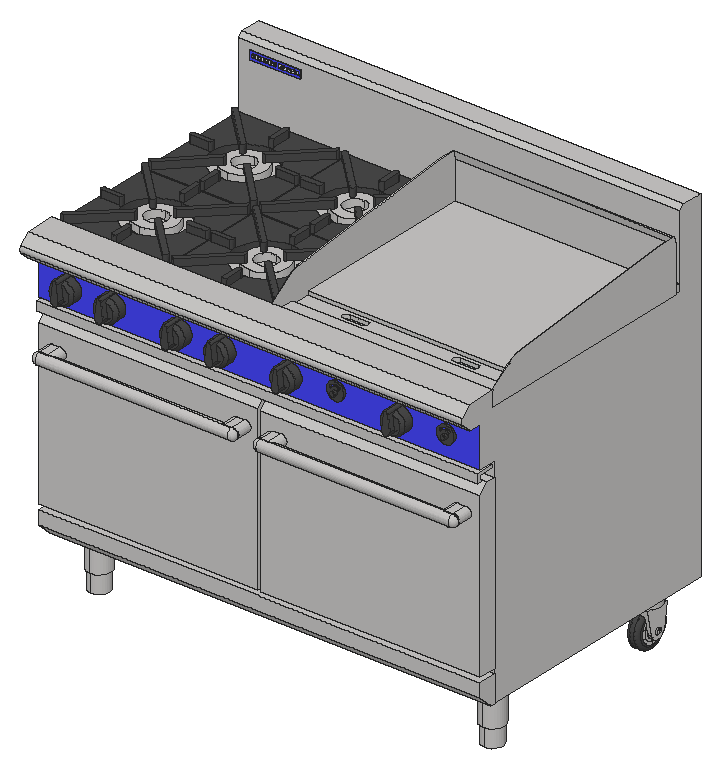
Revit family "QF_MOFFAT_BLUESEAL_AU_G528B", category Specialty Equipment, Revit 2012 (continued)
Definition of nested family "GAS BURNER 600 & GRIDDLE 600"
  Definition of nested family "GAS BURNER 600"
    Lines and regions (mm)
      symbolic lines
        curve 150: spline (414.025, -443.076, 0) -> (415.095, -443.837, 0) -> (416.399, -444.238, 0) -> (417.851, -444.251, 0) -> (419.35, -443.875, 0) -> (420.795, -443.137, 0) -> (422.086, -442.086, 0) -> (423.137, -440.795, 0) -> (423.875, -439.35, 0) -> (424.251, -437.851, 0) -> (424.238, -436.399, 0) -> (423.837, -435.095, 0) -> (423.076, -434.025, 0)
        curve 151: line (443.6, -328.898, 0) -> (443.6, -378.102, 0)
        curve 152: spline (443.6, -378.102, 0) -> (443.818, -379.396, 0) -> (444.457, -380.602, 0) -> (445.475, -381.638, 0) -> (446.8, -382.432, 0) -> (448.344, -382.932, 0) -> (450, -383.102, 0) -> (451.656, -382.932, 0) -> (453.2, -382.432, 0) -> (454.525, -381.638, 0) -> (455.543, -380.602, 0) -> (456.182, -379.396, 0) -> (456.4, -378.102, 0)
        curve 153: line (456.4, -378.102, 0) -> (456.4, -328.898, 0)
        curve 154: spline (456.4, -328.898, 0) -> (456.182, -327.604, 0) -> (455.543, -326.398, 0) -> (454.525, -325.362, 0) -> (453.2, -324.568, 0) -> (451.656, -324.068, 0) -> (450, -323.898, 0) -> (448.344, -324.068, 0) -> (446.8, -324.568, 0) -> (445.475, -325.362, 0) -> (444.457, -326.398, 0) -> (443.818, -327.604, 0) -> (443.6, -328.898, 0)
        curve 155: line (584.847, -326.102, 0) -> (476.924, -434.025, 0)
        curve 156: spline (476.924, -434.025, 0) -> (476.163, -435.095, 0) -> (475.762, -436.399, 0) -> (475.749, -437.851, 0) -> (476.125, -439.35, 0) -> (476.863, -440.795, 0) -> (477.914, -442.086, 0) -> (479.205, -443.137, 0) -> (480.65, -443.875, 0) -> (482.149, -444.251, 0) -> (483.601, -444.238, 0) -> (484.905, -443.837, 0) -> (485.975, -443.076, 0)
        curve 157: line (485.975, -443.076, 0) -> (593.898, -335.153, 0)
        curve 158: spline (593.898, -335.153, 0) -> (594.819, -333.924, 0) -> (595.369, -332.47, 0) -> (595.51, -330.89, 0) -> (595.233, -329.292, 0) -> (594.557, -327.786, 0) -> (593.527, -326.473, 0) -> (592.214, -325.443, 0) -> (590.708, -324.767, 0) -> (589.11, -324.49, 0) -> (587.53, -324.631, 0) -> (586.076, -325.181, 0) -> (584.847, -326.102, 0)
        curve 159: line (591.102, -463.6, 0) -> (541.898, -463.6, 0)
        curve 160: spline (541.898, -463.6, 0) -> (540.604, -463.818, 0) -> (539.398, -464.457, 0) -> (538.362, -465.475, 0) -> (537.568, -466.8, 0) -> (537.068, -468.344, 0) -> (536.898, -470, 0) -> (537.068, -471.656, 0) -> (537.568, -473.2, 0) -> (538.362, -474.525, 0) -> (539.398, -475.543, 0) -> (540.604, -476.182, 0) -> (541.898, -476.4, 0)
        curve 161: line (541.898, -476.4, 0) -> (591.102, -476.4, 0)
        curve 162: spline (591.102, -476.4, 0) -> (592.396, -476.182, 0) -> (593.602, -475.543, 0) -> (594.638, -474.525, 0) -> (595.432, -473.2, 0) -> (595.932, -471.656, 0) -> (596.102, -470, 0) -> (595.932, -468.344, 0) -> (595.432, -466.8, 0) -> (594.638, -465.475, 0) -> (593.602, -464.457, 0) -> (592.396, -463.818, 0) -> (591.102, -463.6, 0)
        curve 163: line (593.898, -603.347, 0) -> (485.975, -496.924, 0)
        curve 164: spline (485.975, -496.924, 0) -> (484.905, -496.163, 0) -> (483.601, -495.762, 0) -> (482.149, -495.749, 0) -> (480.65, -496.125, 0) -> (479.205, -496.863, 0) -> (477.914, -497.914, 0) -> (476.863, -499.205, 0) -> (476.125, -500.65, 0) -> (475.749, -502.149, 0) -> (475.762, -503.601, 0) -> (476.163, -504.905, 0) -> (476.924, -505.975, 0)
        curve 165: line (476.924, -505.975, 0) -> (584.847, -612.398, 0)
        curve 166: spline (584.847, -612.398, 0) -> (585.916, -613.159, 0) -> (587.221, -613.559, 0) -> (588.672, -613.572, 0) -> (590.171, -613.197, 0) -> (591.616, -612.459, 0) -> (592.908, -611.408, 0) -> (593.959, -610.116, 0) -> (594.697, -608.671, 0) -> (595.072, -607.172, 0) -> (595.059, -605.721, 0) -> (594.659, -604.416, 0) -> (593.898, -603.347, 0)
        curve 167: line (315.153, -612.398, 0) -> (423.076, -505.975, 0)
        curve 168: spline (423.076, -505.975, 0) -> (423.837, -504.905, 0) -> (424.238, -503.601, 0) -> (424.251, -502.149, 0) -> (423.875, -500.65, 0) -> (423.137, -499.205, 0) -> (422.086, -497.914, 0) -> (420.795, -496.863, 0) -> (419.35, -496.125, 0) -> (417.851, -495.749, 0) -> (416.399, -495.762, 0) -> (415.095, -496.163, 0) -> (414.025, -496.924, 0)
        curve 169: line (414.025, -496.924, 0) -> (306.102, -603.347, 0)
        curve 170: spline (306.102, -603.347, 0) -> (305.341, -604.416, 0) -> (304.941, -605.721, 0) -> (304.928, -607.172, 0) -> (305.303, -608.671, 0) -> (306.041, -610.116, 0) -> (307.092, -611.408, 0) -> (308.384, -612.459, 0) -> (309.829, -613.197, 0) -> (311.328, -613.572, 0) -> (312.779, -613.559, 0) -> (314.084, -613.159, 0) -> (315.153, -612.398, 0)
        curve 171: line (308.898, -476.4, 0) -> (358.102, -476.4, 0)
        curve 172: spline (358.102, -476.4, 0) -> (359.396, -476.182, 0) -> (360.602, -475.543, 0) -> (361.638, -474.525, 0) -> (362.432, -473.2, 0) -> (362.932, -471.656, 0) -> (363.102, -470, 0) -> (362.932, -468.344, 0) -> (362.432, -466.8, 0) -> (361.638, -465.475, 0) -> (360.602, -464.457, 0) -> (359.396, -463.818, 0) -> (358.102, -463.6, 0)
        curve 173: line (358.102, -463.6, 0) -> (308.898, -463.6, 0)
        curve 174: spline (308.898, -463.6, 0) -> (307.604, -463.818, 0) -> (306.398, -464.457, 0) -> (305.362, -465.475, 0) -> (304.568, -466.8, 0) -> (304.068, -468.344, 0) -> (303.898, -470, 0) -> (304.068, -471.656, 0) -> (304.568, -473.2, 0) -> (305.362, -474.525, 0) -> (306.398, -475.543, 0) -> (307.604, -476.182, 0) -> (308.898, -476.4, 0)
        curve 175: line (456.4, -609.602, 0) -> (456.4, -561.898, 0)
        curve 176: spline (456.4, -561.898, 0) -> (456.182, -560.604, 0) -> (455.543, -559.398, 0) -> (454.525, -558.362, 0) -> (453.2, -557.568, 0) -> (451.656, -557.068, 0) -> (450, -556.898, 0) -> (448.344, -557.068, 0) -> (446.8, -557.568, 0) -> (445.475, -558.362, 0) -> (444.457, -559.398, 0) -> (443.818, -560.604, 0) -> (443.6, -561.898, 0)
        curve 177: line (443.6, -561.898, 0) -> (443.6, -609.602, 0)
        curve 178: spline (443.6, -609.602, 0) -> (443.818, -610.896, 0) -> (444.457, -612.102, 0) -> (445.475, -613.138, 0) -> (446.8, -613.932, 0) -> (448.344, -614.432, 0) -> (450, -614.602, 0) -> (451.656, -614.432, 0) -> (453.2, -613.932, 0) -> (454.525, -613.138, 0) -> (455.543, -612.102, 0) -> (456.182, -610.896, 0) -> (456.4, -609.602, 0)
        curve 179: arc (450.009, -384.418, 0) -> (479.699, -389.834, 0) -> (505.564, -405.385, 0) r 84.082
        curve 180: arc (450.009, -552.582, 0) -> (417.885, -546.204, 0) -> (390.635, -528.036, 0) r 84.082
        curve 181: arc (450, -523.5, 0) -> (467.666, -520.693, 0) -> (483.592, -512.55, 0) r 57
        curve 182: arc (450, -409.5, 0) -> (430.014, -413.119, 0) -> (412.566, -423.515, 0) r 57
        curve 183: arc (450, -436.5, 0) -> (480, -466.5, 0) -> (450, -496.5, 0) r 30
        curve 184: arc (450, -496.5, 0) -> (420, -466.5, 0) -> (450, -436.5, 0) r 30
        curve 185: arc (96.324, -103.773, 0) -> (121.466, -89.404, 0) -> (149.991, -84.418, 0) r 84.082
        curve 186: arc (212.871, -112.68, 0) -> (234.066, -167.408, 0) -> (214.3, -222.668, 0) r 84.082
        curve 187: arc (194.454, -202.178, 0) -> (207, -166.598, 0) -> (194.576, -130.975, 0) r 57
        curve 188: arc (114.628, -211.197, 0) -> (131.275, -220.336, 0) -> (150, -223.5, 0) r 57
        curve 189: arc (405.424, -130.975, 0) -> (393, -166.598, 0) -> (405.546, -202.178, 0) r 57
        curve 190: arc (485.525, -121.924, 0) -> (468.817, -112.696, 0) -> (450, -109.5, 0) r 57
        curve 191: arc (494.454, -202.178, 0) -> (507, -166.598, 0) -> (494.576, -130.975, 0) r 57
        curve 192: arc (414.628, -211.197, 0) -> (431.275, -220.336, 0) -> (450, -223.5, 0) r 57
        curve 193: arc (105.424, -130.975, 0) -> (93, -166.598, 0) -> (105.546, -202.178, 0) r 57
        curve 194: arc (514.501, -414.55, 0) -> (534.086, -469.429, 0) -> (513.293, -523.862, 0) r 84.082
        curve 195: arc (504.155, -532.827, 0) -> (478.827, -547.489, 0) -> (450.009, -552.582, 0) r 84.082
        curve 196: arc (493.031, -503.881, 0) -> (506.947, -468.956, 0) -> (496.089, -432.962, 0) r 57
        curve 197: arc (416.408, -512.55, 0) -> (432.334, -520.693, 0) -> (450, -523.5, 0) r 57
        curve 198: arc (403.911, -432.962, 0) -> (393.053, -468.956, 0) -> (406.969, -503.881, 0) r 57
        curve 199: arc (487.434, -423.515, 0) -> (469.986, -413.119, 0) -> (450, -409.5, 0) r 57
        curve 200: arc (187.434, -423.515, 0) -> (169.986, -413.119, 0) -> (150, -409.5, 0) r 57
        curve 201: arc (103.911, -432.962, 0) -> (93.053, -468.956, 0) -> (106.969, -503.881, 0) r 57
        curve 202: arc (109.732, -506.842, 0) -> (110.614, -507.704, 0) -> (111.516, -508.547, 0) r 57
        curve 203: arc (193.031, -503.881, 0) -> (206.947, -468.956, 0) -> (196.089, -432.962, 0) r 57
        curve 204: arc (214.491, -414.56, 0) -> (234.068, -469.429, 0) -> (213.283, -523.853, 0) r 84.082
        curve 205: arc (94.436, -405.385, 0) -> (120.301, -389.834, 0) -> (149.991, -384.418, 0) r 84.082
        curve 206: arc (86.707, -523.862, 0) -> (65.914, -469.429, 0) -> (85.499, -414.55, 0) r 84.082
        curve 207: arc (116.408, -512.55, 0) -> (132.334, -520.693, 0) -> (150, -523.5, 0) r 57
        curve 208: arc (204.147, -532.819, 0) -> (178.816, -547.487, 0) -> (149.991, -552.582, 0) r 84.082
        curve 209: arc (394.444, -405.393, 0) -> (420.313, -389.836, 0) -> (450.009, -384.418, 0) r 84.082
        curve 210: arc (390.635, -528.036, 0) -> (366.012, -472.294, 0) -> (385.509, -414.56, 0) r 84.082
        curve 211: arc (185.525, -121.924, 0) -> (168.817, -112.696, 0) -> (150, -109.5, 0) r 57
        curve 212: arc (396.332, -103.781, 0) -> (421.477, -89.406, 0) -> (450.009, -84.418, 0) r 84.082
        curve 213: arc (512.881, -112.67, 0) -> (534.084, -167.408, 0) -> (514.31, -222.678, 0) r 84.082
        curve 214: arc (505.339, -231.812, 0) -> (479.559, -247.219, 0) -> (450.009, -252.582, 0) r 84.082
        curve 215: arc (385.7, -222.668, 0) -> (365.934, -167.408, 0) -> (387.129, -112.68, 0) r 84.082
        curve 216: arc (205.331, -231.803, 0) -> (179.547, -247.216, 0) -> (149.991, -252.582, 0) r 84.082
        curve 217: arc (85.69, -222.678, 0) -> (65.916, -167.408, 0) -> (87.119, -112.67, 0) r 84.082
    Dimensions and locks
      equal spacing: plane 3 "LEFT", plane 7 "Center Y", plane 4 "RIGHT"
      "Width": plane 3 "LEFT" to plane 4 "RIGHT"
      equal spacing: plane 5 "FRONT", plane 8 "Center X", plane 1 "BACK"
      "Depth": plane 5 "FRONT" to plane 1 "BACK"
      aligned and locked: level to plane 2
    Automatic sketch dimensions
      plane 3 "LEFT" to Extrusion 1 sketch curve = 4 mm  (x2)
      plane 1 "BACK" to Extrusion 1 sketch curve = 0 mm
      plane 3 "LEFT" to Extrusion 1 sketch curve = 1 mm  (x2)
      Extrusion 1 sketch curve to Extrusion 1 sketch curve = 3 mm  (x5)
      plane 8 "Center X" to Extrusion 1 sketch curve = 149 mm
      Extrusion 1 sketch curve to plane 7 "Center Y" = 1 mm  (x2)
      plane 8 "Center X" to Extrusion 1 sketch curve = 2 mm  (x2)
      Extrusion 1 sketch curve to plane 5 "FRONT" = 166.5 mm
      Extrusion 1 sketch curve to plane 5 "FRONT" = 3 mm  (x2)
      plane 3 "LEFT" to Extrusion 1 sketch curve = 149.991 mm  (x2)
      Extrusion 2 sketch curve to Extrusion 1 = 22.602 mm  (x2)
      Extrusion 2 sketch curve to Extrusion 1 = 25.398 mm  (x2)
      Extrusion 2 sketch curve to Extrusion 2 sketch curve = 4.525 mm  (x16)
      Extrusion 2 sketch curve to Extrusion 2 sketch curve = 49.204 mm  (x5)
      Extrusion 2 sketch curve to Extrusion 2 sketch curve = 55.923 mm  (x5)
      Extrusion 2 sketch curve to Extrusion 2 sketch curve = 0 mm  (x5)
      Extrusion 2 sketch curve to Extrusion 2 sketch curve = 20.524 mm  (x8)
      Extrusion 2 sketch curve to Extrusion 2 sketch curve = 6.4 mm  (x8)
      Extrusion 2 sketch curve to Extrusion 2 sketch curve = 53.847 mm  (x8)
      Extrusion 2 sketch curve to Extrusion 1 = 56.602 mm
      Extrusion 2 sketch curve to Extrusion 1 = 5.102 mm  (x6)
      Extrusion 2 sketch curve to Extrusion 1 = 13.653 mm  (x2)
      Extrusion 2 sketch curve to Extrusion 1 = 7.398 mm  (x2)
      Extrusion 2 sketch curve to Extrusion 1 = 4.602 mm  (x2)
      Extrusion 2 sketch curve to Extrusion 1 = 7.898 mm  (x4)
      Extrusion 2 sketch curve to Extrusion 1 = 31.653 mm  (x2)
      Extrusion 2 sketch curve to Extrusion 1 = 57.102 mm
      Extrusion 2 sketch curve to Extrusion 1 = 14.153 mm
      Extrusion 3 sketch curve to Extrusion 3 sketch curve = 0 mm  (x24)
      plane 8 "Center X" to Extrusion 3 sketch curve = 208 mm
      Extrusion 3 sketch curve to Extrusion 3 sketch curve = 27 mm  (x2)
      Extrusion 3 sketch curve to Extrusion 3 sketch curve = 30 mm  (x2)
      Extrusion 3 sketch curve to plane 5 "FRONT" = 225.5 mm
      plane 3 "LEFT" to Extrusion 3 sketch curve = 150 mm  (x2)
      plane 4 "RIGHT" to Extrusion 4 sketch curve = 4 mm  (x2)
      plane 1 "BACK" to Extrusion 4 sketch curve = 0 mm
      plane 4 "RIGHT" to Extrusion 4 sketch curve = 1 mm  (x2)
      Extrusion 4 sketch curve to Extrusion 4 sketch curve = 3 mm  (x5)
      plane 8 "Center X" to Extrusion 4 sketch curve = 149 mm
      plane 7 "Center Y" to Extrusion 4 sketch curve = 1 mm  (x2)
      plane 8 "Center X" to Extrusion 4 sketch curve = 2 mm  (x2)
      Extrusion 4 sketch curve to plane 5 "FRONT" = 166.5 mm
      Extrusion 4 sketch curve to plane 5 "FRONT" = 3 mm  (x2)
      plane 4 "RIGHT" to Extrusion 4 sketch curve = 149.991 mm  (x2)
      Extrusion 5 sketch curve to Extrusion 4 = 22.602 mm  (x2)
      Extrusion 5 sketch curve to Extrusion 4 = 25.398 mm  (x2)
      Extrusion 5 sketch curve to Extrusion 5 sketch curve = 4.525 mm  (x16)
      Extrusion 5 sketch curve to Extrusion 5 sketch curve = 49.204 mm  (x4)
      Extrusion 5 sketch curve to Extrusion 5 sketch curve = 55.923 mm  (x5)
      Extrusion 5 sketch curve to Extrusion 5 sketch curve = 0 mm  (x6)
      Extrusion 5 sketch curve to Extrusion 5 sketch curve = 20.524 mm  (x7)
      Extrusion 5 sketch curve to Extrusion 5 sketch curve = 6.4 mm  (x8)
      Extrusion 5 sketch curve to Extrusion 5 sketch curve = 53.847 mm  (x8)
      Extrusion 5 sketch curve to Extrusion 4 = 56.602 mm
      Extrusion 5 sketch curve to Extrusion 4 = 5.102 mm  (x6)
      Extrusion 5 sketch curve to Extrusion 4 = 13.653 mm  (x2)
      Extrusion 5 sketch curve to Extrusion 4 = 7.398 mm  (x2)
      Extrusion 5 sketch curve to Extrusion 4 = 4.602 mm  (x2)
      Extrusion 5 sketch curve to Extrusion 4 = 7.898 mm  (x4)
      Extrusion 5 sketch curve to Extrusion 4 = 31.653 mm  (x2)
      Extrusion 5 sketch curve to Extrusion 4 = 57.102 mm  (x2)
      Extrusion 5 sketch curve to Extrusion 4 = 14.153 mm
      Extrusion 6 sketch curve to Extrusion 6 sketch curve = 0 mm  (x24)
      plane 8 "Center X" to Extrusion 6 sketch curve = 208 mm
      Extrusion 6 sketch curve to Extrusion 6 sketch curve = 27 mm  (x2)
      Extrusion 6 sketch curve to Extrusion 6 sketch curve = 30 mm  (x2)
      Extrusion 6 sketch curve to plane 5 "FRONT" = 225.5 mm
      plane 4 "RIGHT" to Extrusion 6 sketch curve = 150 mm  (x2)
      curve 1 to plane 7 "Center Y" = 123.076 mm
      curve 2 to curve 2 = 4.525 mm
      curve 1 to plane 7 "Center Y" = 15.153 mm
      curve 1 to curve 4 = 4.525 mm
      plane 1 "BACK" to curve 3 = 139.576 mm
      plane 1 "BACK" to curve 4 = 31.653 mm
      curve 7 to plane 7 "Center Y" = 58.102 mm
      curve 8 to plane 7 "Center Y" = 8.898 mm
      curve 8 to curve 2 = 20.524 mm
      curve 6 to curve 5 = 6.4 mm
      plane 7 "Center Y" to curve 9 = 6.102 mm
      curve 9 to curve 12 = 4.525 mm
      plane 7 "Center Y" to curve 10 = 114.025 mm
      curve 10 to curve 10 = 4.525 mm
      curve 5 to curve 10 = 20.524 mm
      curve 3 to curve 9 = 0 mm
      plane 1 "BACK" to curve 13 = 25.398 mm
      curve 10 to curve 13 = 20.524 mm
      curve 13 to curve 16 = 6.4 mm
      curve 14 to curve 15 = 49.204 mm
      curve 11 to curve 17 = 53.847 mm
      curve 18 to curve 18 = 4.525 mm
      plane 4 "RIGHT" to curve 17 = 15.153 mm
      curve 20 to curve 20 = 4.525 mm
      curve 18 to curve 11 = 9.051 mm
      plane 1 "BACK" to curve 20 = 31.653 mm
      plane 4 "RIGHT" to curve 22 = 58.102 mm
      plane 4 "RIGHT" to curve 21 = 8.898 mm
      curve 23 to curve 18 = 33.324 mm
      curve 22 to curve 22 = 6.4 mm
      curve 26 to curve 18 = 9.051 mm
      curve 27 to curve 26 = 4.525 mm
      plane 8 "Center X" to curve 27 = 3.602 mm
      plane 4 "RIGHT" to curve 27 = 15.153 mm
      curve 27 to curve 28 = 4.525 mm
      curve 27 to curve 18 = 62.898 mm
      curve 30 to curve 26 = 31.449 mm
      curve 192 to curve 27 = 21.025 mm
      curve 26 to curve 29 = 31.449 mm
      curve 14 to curve 31 = 0.009 mm
      curve 32 to curve 29 = 29.082 mm
      curve 31 to curve 29 = 2 mm
      curve 29 to curve 33 = 0 mm  (x2)
      curve 29 to curve 34 = 27 mm
      curve 211 to curve 2 = 31.449 mm
      curve 35 to curve 3 = 83.924 mm
      curve 35 to curve 2 = 31.449 mm
      curve 37 to curve 211 = 0.009 mm
      curve 216 to curve 35 = 29.082 mm
      curve 38 to curve 36 = 2 mm
      curve 42 to curve 185 = 6.391 mm
      curve 41 to curve 40 = 6.4 mm
      curve 185 to curve 41 = 9.816 mm
      plane 1 "BACK" to curve 41 = 25.398 mm
      plane 7 "Center Y" to curve 44 = 8.898 mm
      curve 44 to curve 45 = 49.204 mm
      curve 7 to curve 44 = 0 mm
      curve 45 to curve 44 = 6.4 mm
      plane 7 "Center Y" to curve 48 = 6.102 mm
      curve 48 to curve 48 = 4.525 mm
      curve 50 to curve 33 = 35.975 mm
      curve 47 to curve 50 = 4.525 mm
      plane 8 "Center X" to curve 48 = 3.602 mm
      curve 50 to curve 33 = 5.975 mm
      plane 8 "Center X" to curve 53 = 6.398 mm
      curve 53 to curve 32 = 6.409 mm
      curve 53 to curve 54 = 6.4 mm
      curve 52 to curve 32 = 9.316 mm
      plane 1 "BACK" to curve 56 = 0 mm
      plane 7 "Center Y" to curve 57 = 1 mm
      curve 57 to curve 56 = 3 mm
      curve 59 to plane 8 "Center X" = 1 mm
      plane 7 "Center Y" to curve 59 = 4 mm
      plane 4 "RIGHT" to curve 55 = 4 mm
      plane 4 "RIGHT" to curve 59 = 4 mm
      plane 4 "RIGHT" to curve 60 = 1 mm
      plane 1 "BACK" to curve 64 = 0 mm
      curve 66 to plane 8 "Center X" = 1 mm
      plane 3 "LEFT" to curve 66 = 4 mm
      plane 3 "LEFT" to curve 63 = 4 mm
      plane 3 "LEFT" to curve 64 = 1 mm
      curve 70 to plane 7 "Center Y" = 4 mm
      curve 68 to plane 7 "Center Y" = 4 mm
      curve 70 to plane 7 "Center Y" = 1 mm
      plane 5 "FRONT" to curve 74 = 0 mm
      plane 3 "LEFT" to curve 72 = 1 mm
      plane 3 "LEFT" to curve 74 = 4 mm
      curve 71 to curve 66 = 0 mm
      curve 75 to plane 7 "Center Y" = 4 mm
      curve 78 to plane 7 "Center Y" = 4 mm
      curve 77 to plane 7 "Center Y" = 1 mm
      curve 78 to curve 67 = 6 mm
      plane 5 "FRONT" to curve 82 = 0 mm
      plane 7 "Center Y" to curve 80 = 1 mm
      plane 7 "Center Y" to curve 82 = 4 mm
      curve 79 to curve 59 = 0 mm  (x2)
      plane 4 "RIGHT" to curve 83 = 4 mm
      plane 4 "RIGHT" to curve 84 = 1 mm
      curve 78 to curve 80 = 0 mm
      curve 35 to curve 88 = 26.924 mm
      curve 89 to curve 88 = 4.525 mm
      plane 8 "Center X" to curve 90 = 3.602 mm
      curve 90 to curve 68 = 11.153 mm
      curve 89 to curve 90 = 4.525 mm
      curve 35 to curve 89 = 21.025 mm
      plane 3 "LEFT" to curve 94 = 6.102 mm
      curve 94 to curve 94 = 4.525 mm
      curve 92 to curve 38 = 35.966 mm
      curve 92 to curve 92 = 4.525 mm
      plane 8 "Center X" to curve 91 = 3.602 mm
      curve 188 to curve 92 = 21.025 mm
      plane 3 "LEFT" to curve 98 = 8.898 mm
      curve 97 to curve 97 = 49.204 mm
      curve 93 to curve 98 = 20.524 mm
      curve 95 to curve 98 = 6.4 mm
      plane 3 "LEFT" to curve 102 = 6.102 mm
      curve 99 to curve 102 = 4.525 mm
      curve 100 to curve 36 = 35.975 mm
      curve 99 to curve 100 = 4.525 mm
      curve 36 to curve 100 = 26.924 mm
      curve 102 to curve 64 = 28.653 mm
      curve 35 to curve 103 = 0 mm  (x2)
      curve 35 to curve 104 = 27 mm
      curve 107 to curve 38 = 6.391 mm
      curve 107 to curve 108 = 6.4 mm
      plane 8 "Center X" to curve 108 = 6.398 mm
      curve 106 to curve 216 = 9.316 mm
      curve 112 to curve 107 = 0 mm
      curve 111 to curve 110 = 6.4 mm
      curve 111 to plane 8 "Center X" = 60.602 mm
      curve 110 to plane 8 "Center X" = 11.398 mm
      curve 109 to curve 114 = 20.524 mm
      curve 114 to curve 114 = 4.525 mm
      curve 116 to curve 78 = 11.153 mm
      curve 116 to curve 116 = 4.525 mm
      curve 115 to curve 109 = 64.974 mm
      curve 116 to curve 78 = 10.653 mm
      plane 3 "LEFT" to curve 118 = 6.102 mm
      curve 118 to curve 118 = 4.525 mm
      curve 120 to curve 113 = 62.898 mm
      curve 119 to curve 120 = 4.525 mm
      curve 120 to curve 113 = 9.051 mm
      curve 119 to curve 72 = 10.653 mm
      plane 3 "LEFT" to curve 121 = 8.898 mm
      curve 121 to curve 124 = 49.204 mm
      curve 123 to curve 120 = 33.324 mm
      curve 123 to curve 124 = 6.4 mm
      plane 3 "LEFT" to curve 126 = 6.102 mm
      curve 125 to curve 126 = 4.525 mm
      curve 125 to curve 119 = 0 mm
      curve 125 to curve 128 = 4.525 mm
      curve 74 to curve 127 = 19.602 mm
      curve 127 to curve 119 = 62.898 mm
      curve 127 to curve 130 = 20.524 mm
      curve 131 to curve 132 = 6.4 mm
      curve 132 to plane 5 "FRONT" = 25.398 mm
      curve 132 to curve 131 = 47.704 mm
      curve 127 to curve 136 = 53.847 mm
      curve 133 to curve 136 = 4.525 mm
      curve 134 to plane 7 "Center Y" = 15.153 mm
      curve 133 to curve 134 = 4.525 mm
      curve 76 to curve 134 = 19.602 mm
      curve 127 to curve 136 = 0 mm
      curve 208 to curve 130 = 0.009 mm
      curve 130 to curve 208 = 9.316 mm
      curve 137 to curve 120 = 29.949 mm
      curve 137 to curve 200 = 0.009 mm
      curve 208 to curve 139 = 29.082 mm
      curve 137 to curve 203 = 2 mm
      curve 203 to curve 141 = 0 mm  (x2)
      curve 139 to curve 142 = 27 mm
      curve 144 to plane 7 "Center Y" = 58.102 mm
      curve 143 to plane 7 "Center Y" = 8.898 mm
      curve 135 to curve 144 = 20.524 mm
      curve 144 to curve 144 = 6.4 mm
      plane 7 "Center Y" to curve 149 = 6.102 mm
      curve 148 to curve 148 = 4.525 mm
      plane 7 "Center Y" to curve 150 = 114.025 mm
      curve 149 to curve 150 = 4.525 mm
      curve 143 to curve 150 = 20.524 mm
      curve 149 to curve 80 = 10.653 mm
      curve 151 to curve 53 = 0 mm
      curve 151 to curve 154 = 6.4 mm
      curve 152 to plane 8 "Center X" = 60.602 mm
      curve 151 to plane 8 "Center X" = 11.398 mm
      curve 150 to curve 156 = 53.847 mm
      curve 156 to curve 156 = 4.525 mm
      curve 155 to curve 86 = 11.153 mm
      curve 155 to curve 158 = 4.525 mm
      curve 157 to curve 150 = 9.051 mm
      curve 158 to curve 86 = 10.653 mm
      plane 4 "RIGHT" to curve 160 = 58.102 mm
      plane 4 "RIGHT" to curve 159 = 8.898 mm
      curve 161 to curve 156 = 33.324 mm
      curve 160 to curve 160 = 6.4 mm
      curve 164 to curve 156 = 9.051 mm
      curve 164 to curve 164 = 4.525 mm
      plane 4 "RIGHT" to curve 165 = 15.153 mm
      curve 165 to curve 166 = 4.525 mm
      curve 84 to curve 165 = 19.602 mm
      curve 164 to curve 156 = 62.898 mm
      plane 7 "Center Y" to curve 170 = 6.102 mm
      curve 170 to curve 170 = 4.525 mm
      curve 168 to curve 150 = 0 mm
      curve 168 to curve 168 = 4.525 mm  (x2)
      curve 82 to curve 170 = 19.602 mm
      curve 167 to curve 164 = 0 mm
      plane 7 "Center Y" to curve 171 = 8.898 mm
      curve 174 to curve 172 = 49.204 mm
      curve 169 to curve 172 = 20.524 mm
      curve 171 to curve 172 = 6.4 mm
      curve 167 to curve 176 = 20.524 mm
      curve 178 to curve 178 = 6.4 mm
      curve 177 to plane 5 "FRONT" = 25.398 mm
      curve 175 to curve 175 = 47.704 mm
      curve 180 to curve 156 = 31.44 mm
      curve 176 to curve 180 = 9.316 mm
      curve 180 to curve 156 = 29.949 mm
      curve 182 to curve 179 = 0.009 mm
      curve 195 to curve 181 = 29.082 mm
      curve 179 to curve 181 = 2 mm
      curve 181 to curve 183 = 0 mm  (x2)
      curve 181 to curve 184 = 27 mm
      curve 37 to curve 38 = 0 mm  (x2)
      curve 185 to curve 100 = 22.227 mm
      curve 37 to curve 185 = 0 mm
      curve 2 to curve 37 = 22.219 mm
      curve 35 to curve 36 = 0 mm  (x2)
      curve 88 to curve 35 = 3.923 mm
      curve 35 to curve 211 = 0 mm
      curve 193 to curve 92 = 13.004 mm
      curve 29 to curve 30 = 0 mm  (x2)
      curve 189 to curve 10 = 13.126 mm
      curve 29 to curve 189 = 0 mm  (x2)
      curve 18 to curve 190 = 4.076 mm
      curve 29 to curve 190 = 0 mm
      curve 29 to curve 191 = 0 mm  (x2)
      curve 26 to curve 29 = 3.923 mm
      curve 189 to curve 50 = 13.004 mm
      curve 35 to curve 188 = 0 mm
      curve 35 to curve 193 = 0 mm  (x2)
      curve 193 to curve 100 = 13.126 mm
      curve 179 to curve 180 = 0 mm  (x2)
      curve 156 to curve 194 = 33.052 mm
      curve 179 to curve 194 = 0 mm  (x2)
      curve 179 to curve 195 = 0 mm
      curve 181 to curve 198 = 0 mm  (x2)
      curve 164 to curve 181 = 2.142 mm
      curve 181 to curve 196 = 0 mm  (x2)
      curve 198 to curve 168 = 11.581 mm
      curve 181 to curve 182 = 0 mm  (x2)
      curve 182 to curve 150 = 5.985 mm
      curve 181 to curve 197 = 0 mm
      curve 156 to curve 196 = 14.64 mm
      curve 203 to curve 140 = 0 mm  (x2)
      curve 114 to curve 200 = 5.985 mm
      curve 203 to curve 200 = 0 mm
      curve 201 to curve 120 = 14.64 mm
      curve 203 to curve 201 = 0 mm  (x2)
      curve 201 to curve 128 = 11.581 mm
      curve 139 to curve 140 = 0 mm  (x2)
      curve 136 to curve 139 = 2.142 mm
      curve 137 to curve 138 = 0 mm  (x2)
      curve 203 to curve 137 = 9.467 mm
      curve 137 to curve 204 = 0 mm  (x2)
      curve 137 to curve 204 = 8.936 mm
      curve 137 to curve 205 = 0 mm
      curve 205 to curve 140 = 18.13 mm
      curve 206 to curve 205 = 8.937 mm
      curve 206 to curve 205 = 9.165 mm
      curve 137 to curve 206 = 0 mm  (x2)
      curve 138 to curve 201 = 11.124 mm
      curve 139 to curve 202 = 0 mm  (x2)
      curve 202 to curve 202 = 1.784 mm
      curve 137 to curve 208 = 0 mm
      curve 203 to curve 204 = 20.253 mm
      curve 208 to curve 204 = 9.136 mm
      curve 208 to curve 204 = 8.967 mm
      curve 139 to curve 207 = 0 mm
      curve 139 to curve 203 = 9.439 mm
      curve 202 to curve 207 = 4.893 mm
      curve 207 to curve 202 = 4.003 mm
      curve 206 to curve 138 = 9.138 mm
      curve 138 to curve 206 = 8.965 mm
      curve 201 to curve 202 = 2.762 mm
      curve 202 to curve 201 = 2.96 mm
      curve 206 to curve 201 = 18.412 mm
      curve 203 to curve 136 = 6.958 mm
      curve 200 to curve 203 = 8.655 mm
      curve 201 to curve 140 = 9.447 mm
      curve 179 to curve 209 = 0 mm
      curve 210 to curve 182 = 27.057 mm
      curve 179 to curve 210 = 0 mm  (x2)
      curve 180 to curve 197 = 25.774 mm
      curve 181 to curve 199 = 0 mm
      curve 180 to curve 198 = 16.335 mm
      curve 198 to curve 182 = 8.655 mm
      curve 198 to curve 169 = 6.958 mm
      curve 199 to curve 196 = 8.655 mm
      curve 196 to curve 199 = 9.447 mm
      curve 181 to curve 196 = 9.439 mm
      curve 181 to curve 196 = 8.668 mm
      curve 210 to curve 209 = 8.936 mm
      curve 195 to curve 194 = 9.138 mm
      curve 179 to curve 194 = 8.937 mm
      curve 194 to curve 179 = 9.165 mm
      curve 195 to curve 194 = 8.965 mm
      curve 35 to curve 187 = 0 mm  (x2)
      curve 2 to curve 187 = 13.126 mm
      curve 31 to curve 32 = 0 mm  (x2)
      curve 212 to curve 189 = 9.093 mm
      curve 31 to curve 212 = 0 mm
      curve 190 to curve 31 = 18.152 mm
      curve 31 to curve 213 = 0 mm  (x2)
      curve 29 to curve 214 = 19.967 mm
      curve 31 to curve 214 = 0 mm
      curve 31 to curve 215 = 0 mm  (x2)
      curve 32 to curve 192 = 19.959 mm
      curve 31 to curve 213 = 9.204 mm
      curve 29 to curve 192 = 0 mm
      curve 190 to curve 191 = 9.051 mm
      curve 214 to curve 213 = 8.97 mm
      curve 214 to curve 213 = 9.134 mm
      curve 29 to curve 191 = 9.081 mm
      curve 29 to curve 191 = 9.019 mm
      curve 32 to curve 189 = 10.878 mm
      curve 192 to curve 189 = 9.019 mm
      curve 215 to curve 32 = 8.969 mm
      curve 32 to curve 215 = 9.135 mm
      curve 215 to curve 212 = 9.203 mm
      curve 215 to curve 212 = 8.899 mm
      curve 189 to curve 30 = 9.051 mm  (x2)
      curve 37 to curve 186 = 0 mm  (x2)
      curve 187 to curve 186 = 19.847 mm
      curve 37 to curve 216 = 0 mm
      curve 216 to curve 186 = 8.969 mm
      curve 35 to curve 187 = 9.081 mm
      curve 193 to curve 188 = 9.081 mm
      curve 188 to curve 193 = 9.019 mm
      curve 37 to curve 217 = 0 mm  (x2)
      curve 38 to curve 193 = 10.886 mm
      curve 217 to curve 38 = 8.97 mm
      curve 38 to curve 217 = 9.134 mm
      curve 217 to curve 185 = 9.204 mm
      curve 216 to curve 186 = 9.135 mm
      curve 37 to curve 186 = 9.203 mm
      curve 186 to curve 37 = 8.899 mm
      curve 211 to curve 187 = 9.051 mm
      curve 187 to curve 87 = 8.754 mm
      curve 193 to curve 36 = 9.051 mm
      curve 2 to curve 211 = 8.601 mm
      radius of Extrusion 1 sketch curve = 84.082 mm  (x2)
      radius of Extrusion 4 sketch curve = 84.082 mm  (x2)
  Definition of nested family "GAS GRIDDLE PLATE 600"
    Parameters (values of type "GAS GRIDDLE PLATE 600")
      Width [instance] = 600 mm
      Weight in Pounds = 0
      URL Cutsheet = ""
      Type Mark [instance] = ""
      Status [instance] = ""
      Specification by User [instance] = ""
      Specification by Manufacturer = ""
      Serial Number = ""
      Seismic Rating = ""
      SMACNA No = ""
      Revision Code [instance] = ""
      Omniclass Number and Title = ""
      NAFEM Spec ID Number = ""
      Masterspec = ""
      Item Number [instance] = ""
      Installed By [instance] = ""
      Identify Quantity as Lot [instance] = yes
      Furnished By [instance] = ""
      Foodservice Equipment Identifier [instance] = yes
      Depth [instance] = 620 mm
      CSI MasterFormat = ""
      CSI Master Format = ""
    Reference planes
      plane 1 "BACK": y = 0
      plane 2: z = 0
      plane 3 "LEFT": x = 0
      plane 4 "RIGHT": x = 600
      plane 5 "FRONT": y = -620
      plane 6 "TOP": z = 142.5
      plane 7 "Center Y": x = 300
      plane 8 "Center X": y = -310
      plane 9: y = -530.997
      plane 10: y = -541.497
      plane 11: y = -503.25
      plane 12: y = -557.737
    Forms (mm)
      Extrusion 1, solid, material "QF_Finishes_Stainless Steel"
        sketch origin (0, 70.003, -874.5) x (0, 1, 0) y (0, 0, 1)
          loop
            line (-70, 875) -> (-70, 997.489) -> (-75.228, 1017) -> (-117.24, 1017) -> (-589.533, 971.523)
            arc (-589.533, 971.523) -> (-614.56, 965.803) -> (-637.306, 953.899) r 100
            line (-637.306, 953.899) -> (-690.003, 917) -> (-690.003, 875) -> (-70, 875)
        from 0 to 1.8
      Extrusion 2, solid, material "QF_Finishes_Stainless Steel"
        sketch origin (600, 70.003, -874.5) x (0, -1, 0) y (0, 0, 1)
          loop
            line (70, 875) -> (690.003, 875) -> (690.003, 917) -> (637.306, 953.899)
            arc (637.306, 953.899) -> (614.56, 965.803) -> (589.533, 971.523) r 100
            line (589.533, 971.523) -> (117.24, 1017) -> (75.228, 1017) -> (70, 997.489) -> (70, 875)
        from 0 to 1.2
      Extrusion 3, solid, material "QF_Finishes_Stainless Steel"
        sketch origin (150, 70.003, -874.5) x (0, 1, 0) y (0, 0, 1)
          loop
            line (-55, 895) -> (-573.253, 895) -> (-573.253, 884.5) -> (-627.74, 884.5) -> (-627.74, 895) -> (-690.003, 895) -> (-690.003, 875) -> (-55, 875) -> (-55, 895)
        from -148.2 to 448.8
      Extrusion 4, void
        sketch origin (150, -541.497, 10) x (0, -1, 0) y (1, 0, 0)
          loop
            arc (-7.497, 25.113) -> (-17.497, 35.113) -> (-27.497, 25.113) r 10
            line (-27.497, 25.113) -> (-27.497, -24.887)
            arc (-27.497, -24.887) -> (-17.497, -34.887) -> (-7.497, -24.887) r 10
            line (-7.497, -24.887) -> (-7.497, 25.113)
          loop
            line (-7.497, 274.887) -> (-7.497, 324.887)
            arc (-7.497, 324.887) -> (-17.497, 334.887) -> (-27.497, 324.887) r 10
            line (-27.497, 324.887) -> (-27.497, 274.887)
            arc (-27.497, 274.887) -> (-17.497, 264.887) -> (-7.497, 274.887) r 10
        from -41.4 to 40.142
      Extrusion 5, solid, material "QF_Finishes_Stainless Steel"
        sketch origin (0, 70.003, -874.5) x (0, 1, 0) y (0, 0, 1)
          loop
            line (-70, 875) -> (-70, 997.489) -> (-75.228, 1017) -> (-76.884, 1017) -> (-71.6, 997.278) -> (-71.6, 875) -> (-70, 875)
        from 0 to 598.8
    Cuts and joins
      Extrusion 4 cuts Extrusion 3
      joined: Extrusion 1, Extrusion 2, Extrusion 3, Extrusion 5
    Lines and regions (mm)
      symbolic lines
        curve 1: line (600, -503.25, 0) -> (0, -503.25, 0)
        curve 2: line (0, -557.737, 0) -> (600, -557.737, 0)
        curve 3: line (0, -1.68, 0) -> (600, -1.68, 0)
        curve 4: line (600, -1.68, 0) -> (600, -620, 0)
        curve 5: line (0, -620, 0) -> (0, -1.68, 0)
        curve 6: line (0, -620, 0) -> (600, -620, 0)
        curve 7: arc (175.113, -534, 0) -> (185.113, -524, 0) -> (175.113, -514, 0) r 10
        curve 8: line (175.113, -514, 0) -> (125.113, -514, 0)
        curve 9: arc (125.113, -514, 0) -> (115.113, -524, 0) -> (125.113, -534, 0) r 10
        curve 10: line (125.113, -534, 0) -> (175.113, -534, 0)
        curve 11: arc (424.887, -534, 0) -> (414.887, -524, 0) -> (424.887, -514, 0) r 10
        curve 12: line (424.887, -514, 0) -> (474.887, -514, 0)
        curve 13: arc (474.887, -514, 0) -> (484.887, -524, 0) -> (474.887, -534, 0) r 10
        curve 14: line (474.887, -534, 0) -> (424.887, -534, 0)
    Dimensions and locks
      equal spacing: plane 3 "LEFT", plane 7 "Center Y", plane 4 "RIGHT"
      "Width": plane 3 "LEFT" to plane 4 "RIGHT"
      equal spacing: plane 5 "FRONT", plane 8 "Center X", plane 1 "BACK"
      "Depth": plane 5 "FRONT" to plane 1 "BACK"
      locked: Extrusion 2 to Extrusion 2 at 1.2
      aligned and locked: level to plane 2
      aligned and locked: Extrusion 2 to plane 4 "RIGHT"
      aligned and locked: curve 1 to plane 11
      aligned and locked: plane 12 to curve 2
      aligned and locked: Extrusion 5 to cut or joined group of Extrusion 1, Extrusion 2, Extrusion 3, Extrusion 4, Extrusion 5
    Automatic sketch dimensions
      Extrusion 1 sketch curve to plane 5 "FRONT" = 0 mm
      Extrusion 1 sketch curve to plane 6 "TOP" = 0 mm
      plane 12 to Extrusion 1 sketch curve = 9.566 mm
      plane 11 to Extrusion 1 sketch curve = 16.28 mm
      Extrusion 1 sketch curve to level = 2.516 mm
      plane 11 to Extrusion 1 sketch curve = 6.695 mm
      plane 1 "BACK" to Extrusion 1 sketch curve = 47.237 mm
      plane 1 "BACK" to Extrusion 1 sketch curve = 5.225 mm
      Extrusion 1 sketch curve to plane 1 "BACK" = 0.003 mm
      level to Extrusion 1 sketch curve = 0.5 mm
      Extrusion 1 sketch curve to Extrusion 1 sketch curve = 42 mm
      Extrusion 1 sketch curve to plane 6 "TOP" = 63.101 mm
      Extrusion 1 sketch curve to plane 6 "TOP" = 19.511 mm
      Extrusion 2 sketch curve to plane 6 "TOP" = 0 mm
      Extrusion 2 sketch curve to plane 5 "FRONT" = 0 mm
      plane 12 to Extrusion 2 sketch curve = 9.566 mm
      plane 11 to Extrusion 2 sketch curve = 16.28 mm
      Extrusion 2 sketch curve to level = 2.516 mm
      plane 11 to Extrusion 2 sketch curve = 6.695 mm
      plane 1 "BACK" to Extrusion 2 sketch curve = 47.237 mm
      plane 1 "BACK" to Extrusion 2 sketch curve = 5.225 mm
      Extrusion 2 sketch curve to plane 1 "BACK" = 0.003 mm
      level to Extrusion 2 sketch curve = 0.5 mm
      Extrusion 2 sketch curve to Extrusion 2 sketch curve = 42 mm
      Extrusion 2 sketch curve to plane 6 "TOP" = 63.101 mm
      Extrusion 2 sketch curve to plane 6 "TOP" = 19.511 mm
      Extrusion 3 sketch curve to plane 5 "FRONT" = 0 mm
      Extrusion 3 sketch curve to plane 12 = 0 mm
      Extrusion 3 sketch curve to plane 11 = 0 mm
      Extrusion 3 sketch curve to plane 1 "BACK" = 15.003 mm
      level to Extrusion 3 sketch curve = 0.5 mm
      level to Extrusion 3 sketch curve = 10 mm
      Extrusion 3 sketch curve to Extrusion 3 sketch curve = 10.5 mm  (x2)
      plane 1 "BACK" to Extrusion 5 sketch curve = 5.225 mm
      Extrusion 5 sketch curve to plane 1 "BACK" = 0.003 mm
      Extrusion 5 sketch curve to plane 6 "TOP" = 19.511 mm
      Extrusion 5 sketch curve to Extrusion 5 sketch curve = 1.6 mm
      Extrusion 5 sketch curve to Extrusion 5 sketch curve = 0.211 mm
      Extrusion 5 sketch curve to plane 6 "TOP" = 0 mm
      Extrusion 5 sketch curve to Extrusion 5 sketch curve = 1.656 mm
      level to Extrusion 5 sketch curve = 0.5 mm
      plane 11 to Extrusion 4 sketch curve = 10.75 mm  (x2)
      Extrusion 4 sketch curve to Extrusion 4 sketch curve = 10 mm  (x2)
      plane 3 "LEFT" to Extrusion 4 sketch curve = 125.113 mm
      Extrusion 4 sketch curve to Extrusion 4 sketch curve = 50 mm  (x2)
      plane 7 "Center Y" to Extrusion 4 sketch curve = 124.887 mm
      curve 6 to plane 3 "LEFT" = 0 mm
      curve 3 to plane 4 "RIGHT" = 0 mm
      plane 5 "FRONT" to curve 6 = 0 mm
      plane 11 to curve 8 = 10.75 mm
      plane 3 "LEFT" to curve 8 = 125.113 mm
      curve 10 to plane 12 = 23.737 mm
      curve 9 to curve 10 = 50 mm
      curve 11 to plane 12 = 23.737 mm
      plane 7 "Center Y" to curve 11 = 124.887 mm
      plane 11 to curve 12 = 10.75 mm
      curve 12 to curve 12 = 50 mm
      plane 1 "BACK" to curve 3 = 1.68 mm
